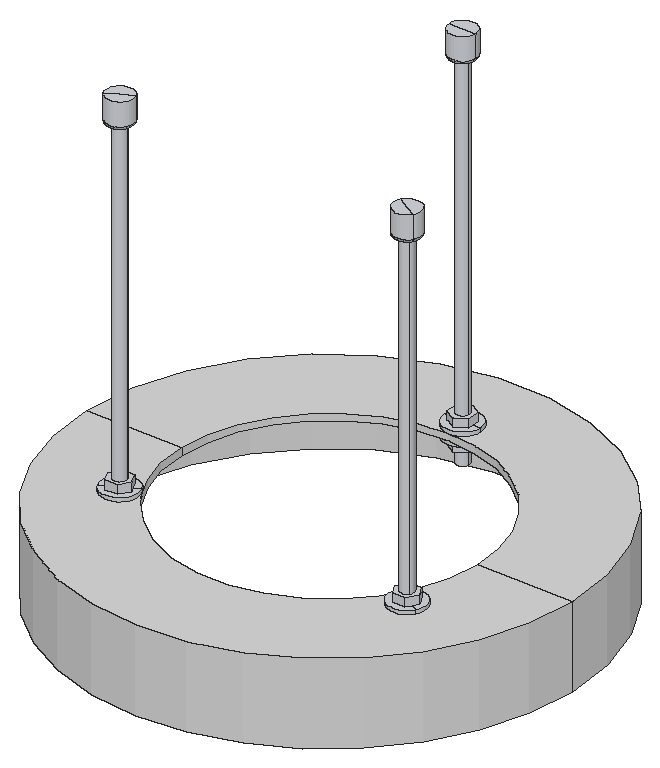
Revit family "MH-UDC", category Pipe Accessories, Revit 2018
Family settings
  Round Connector Dimension = Use Diameter
  Part Type = Normal
  Work Plane-Based = No
  Always vertical = Yes
  Cut with Voids When Loaded = No
  Shared = No
Parameters (values of type "MH-UDC")
  URL = "WWW.MIFAB.COM"
  Out-Dia = 1' - 6"
  Model = "MH-UDC"
  Manufacturer = "MIFAB"
  Inr-Dia = 0' - 11"
  Height = 0' - 3"
  Description = "SIPHONIC UNDER DECK CLAMP"
Reference planes (in)
  plane 1 "Center (Front/Back)": y = 0
  plane 2: z = 0
  plane 3 "Center (Left/Right)": x = 0
  plane 4: x = -9
  plane 5: x = 9
  plane 6: y = 8
  plane 7: y = -8
  plane 8: z = -3
  plane 9: x = 8.75
  plane 10: x = 8.60588
  plane 11: z = -0.25
  plane 12: z = -0.25
  plane 13: through (-4.99848, -3.64567, 47.24409) normal (-0.866, -0.5, 0)
  plane 14: through (-4.75764, -2.74682, 47.24409) normal (0.5, -0.866, 0)
  plane 15: through (4.99848, -3.64567, 47.24409) normal (-0.866, 0.5, 0)
  plane 16: through (4.75764, -2.74682, 47.24409) normal (0.5, 0.866, 0)
Forms (in)
  Revolve 1, solid, material "Material"
    sketch origin (0, 0, 0) x (1, 0, 0) y (0, 0, 1)
      loop
        line (9, 0) -> (0, 0) -> (0, -0.25) -> (8.60588, -0.25) -> (8.75, -3) -> (9, -3) -> (9, 0)
      axis (0, -3) -> (0, 0)
    angle from 0 to 360
  Extrusion 2, void
    sketch origin (0, 0, 0) x (1, 0, 0) y (0, 1, 0)
      loop
        circle (0, 0) r 5.5
    from -0.25 to 0
Cuts and joins
  Extrusion 2 cuts Revolve 1
Dimensions and locks (in)
  equal spacing: plane 7, plane 1 "Center (Front/Back)", plane 6
  plane 6 to plane 7 = 1' - 4"
  equal spacing: plane 4, plane 3 "Center (Left/Right)", plane 5
  "Out-Dia": plane 4 to plane 5
  "Height": plane 2 to plane 8
  locked: plane 5 to plane 9 at 0.25
  locked: plane 10 to plane 5 at 0.39412
  locked: plane 2 to plane 11 at 0.25
  locked: plane 2 to plane 12 at 0.25
  "Inr-Dia": diameter of Extrusion 2 sketch curve
  aligned and locked: level to plane 2
  aligned and locked: plane 5 to Revolve 1 sketch curve
  aligned and locked: Revolve 1 sketch curve to plane 2
  aligned and locked: Revolve 1 sketch curve to plane 8
  aligned and locked: plane 9 to Revolve 1 sketch curve
  aligned and locked: plane 10 to Revolve 1 sketch curve
  aligned and locked: Revolve 1 sketch curve to plane 11
  aligned and locked: Revolve 1 sketch curve to plane 3 "Center (Left/Right)"
  aligned and locked: Extrusion 2 to Revolve 1
  aligned and locked: level to Extrusion 2
  aligned and locked: plane 3 "Center (Left/Right)" to nested 1
Automatic sketch dimensions
  Revolve 1 sketch curve to plane 3 "Center (Left/Right)" = 0' - 0"
  Revolve 1 sketch curve to Revolve 1 sketch curve = 0' - 1 1/4"
  Revolve 1 sketch curve to Revolve 1 sketch curve = 0' - 0 1/2"
  plane 1 "Center (Front/Back)" to Extrusion 2 sketch curve = 0' - 0"
  Extrusion 2 sketch curve to plane 3 "Center (Left/Right)" = 0' - 0"
Nested families (in)
  nested 1: "Bolt" at (0, 6.15165, 0), type "Bolt"
    with Height 1' - 1.15975"
  nested 2: "Bolt" at (5.32748, -3.07582, 0) x (0.866, -0.5, 0) z (0, 0, 1), type "Bolt"
    with Height 1' - 1.15975"
  nested 3: "Bolt" at (-5.32748, -3.07582, 0) x (0.866, 0.5, 0) z (0, 0, 1), type "Bolt"
    with Height 1' - 1.15975"
Definition of nested family "Bolt"
  Parameters (values of type "Bolt")
    Height [instance] = 1' - 1 1/2"
    Default Elevation = 4' - 0"
  Reference planes (in)
    plane 1 "Center (Front/Back)": y = 0
    plane 2: z = 0
    plane 3 "Center (Left/Right)": x = 0
    plane 4: z = 13.5
    plane 5: z = -0.25
    plane 6: z = 0.43368
    plane 7: z = -0.68559
  Forms (in)
    Extrusion 1, solid
      sketch origin (0, 0, 0) x (1, 0, 0) y (0, 1, 0)
        loop
          line (-48, 48) -> (-48, -48) -> (48, -48) -> (48, 48) -> (-48, 48)
      from 0 to -12
    Revolve 2, solid
      sketch origin (0, 0, 0) x (1, 0, 0) y (0, 0, 1)
        loop
          line (0, 13.5) -> (0, -1.23131) -> (0.23438, -1.23131) -> (0.23438, -0.375) -> (0.658, -0.375) -> (0.658, -0.25) -> (0.23438, -0.25) -> (0.23438, 0) -> (0.658, 0) -> (0.658, 0.12309) -> (0.23438, 0.12309) -> (0.23438, 12.57792) -> (0.38697, 12.57792)
          arc (0.38697, 12.57792) -> (0.45584, 12.60645) -> (0.48438, 12.67533) r 0.09741
          line (0.48438, 12.67533) -> (0.48438, 13.5) -> (0, 13.5)
        axis (0, -1.23131) -> (0, 13.5)
      angle from 0 to 360
    Extrusion 3, solid
      sketch origin (0, 0, 0) x (1, 0, 0) y (0, 1, 0)
        loop
          line (0, 0.45141) -> (-0.39093, 0.2257) -> (-0.39093, -0.2257) -> (0, -0.45141) -> (0.39093, -0.2257) -> (0.39093, 0.2257) -> (0, 0.45141)
      from 0.12309 to 0.43368
    Extrusion 4, solid
      sketch origin (0, 0, -0.80868) x (1, 0, 0) y (0, 1, 0)
        loop
          line (0, 0.45141) -> (-0.39093, 0.2257) -> (-0.39093, -0.2257) -> (0, -0.45141) -> (0.39093, -0.2257) -> (0.39093, 0.2257) -> (0, 0.45141)
      from 0.12309 to 0.43368
  Cuts and joins
    joined: Revolve 2, Extrusion 3
  Dimensions and locks (in)
    "Height": plane 4 to plane 2
    locked: plane 2 to plane 5 at 0.25
    locked: plane 4 to Revolve 2 sketch curve at 0.82467
    aligned and locked: plane 2 to Extrusion 1
    aligned and locked: level to Extrusion 1
    aligned and locked: Revolve 2 sketch curve to plane 3 "Center (Left/Right)"
    aligned and locked: Revolve 2 sketch curve to plane 4
    aligned and locked: Extrusion 3 to Revolve 2
    aligned and locked: plane 6 to Extrusion 3
    aligned and locked: Extrusion 4 to plane 7
    aligned and locked: cut or joined group of Revolve 2, Extrusion 3 to Extrusion 4
  Automatic sketch dimensions
    Extrusion 1 sketch curve to Extrusion 1 sketch curve = 8' - 0"  (x2)
    Extrusion 3 sketch curve to plane 3 "Center (Left/Right)" = 0' - 0"  (x2)
    Extrusion 3 sketch curve to plane 3 "Center (Left/Right)" = 0' - 0.39093"
    plane 3 "Center (Left/Right)" to Extrusion 3 sketch curve = 0' - 0.39093"
    plane 1 "Center (Front/Back)" to Extrusion 3 sketch curve = 0' - 0.45141"
    plane 1 "Center (Front/Back)" to Extrusion 3 sketch curve = 0' - 0.2257"  (x2)
    Extrusion 3 sketch curve to plane 1 "Center (Front/Back)" = 0' - 0.2257"  (x2)
    Extrusion 3 sketch curve to plane 1 "Center (Front/Back)" = 0' - 0.45141"
    Extrusion 4 sketch curve to plane 3 "Center (Left/Right)" = 0' - 0"  (x2)
    Extrusion 4 sketch curve to plane 3 "Center (Left/Right)" = 0' - 0.39093"
    plane 3 "Center (Left/Right)" to Extrusion 4 sketch curve = 0' - 0.39093"
    plane 1 "Center (Front/Back)" to Extrusion 4 sketch curve = 0' - 0.45141"
    plane 1 "Center (Front/Back)" to Extrusion 4 sketch curve = 0' - 0.2257"  (x2)
    Extrusion 4 sketch curve to plane 1 "Center (Front/Back)" = 0' - 0.2257"  (x2)
    Extrusion 4 sketch curve to plane 1 "Center (Front/Back)" = 0' - 0.45141"
    Revolve 2 sketch curve to plane 3 "Center (Left/Right)" = 0' - 0"
    Revolve 2 sketch curve to level = 0' - 0"
    Revolve 2 sketch curve to plane 5 = 0' - 0"
    plane 3 "Center (Left/Right)" to Revolve 2 sketch curve = 0' - 0 15/64"  (x2)
    Revolve 2 sketch curve to Revolve 2 sketch curve = 0' - 0"  (x2)
    Revolve 2 sketch curve to Revolve 2 sketch curve = 0' - 0.15259"
    Revolve 2 sketch curve to Revolve 2 sketch curve = 0' - 0.09741"
    Revolve 2 sketch curve to Revolve 2 sketch curve = 0' - 0.42363"
    level to Revolve 2 sketch curve = 0' - 0.12309"
    Revolve 2 sketch curve to plane 5 = 0' - 0 1/8"
    Revolve 2 sketch curve to plane 7 = 0' - 0.54572"
    Revolve 2 sketch curve to Revolve 2 sketch curve = 0' - 0 3/4"  (x2)
